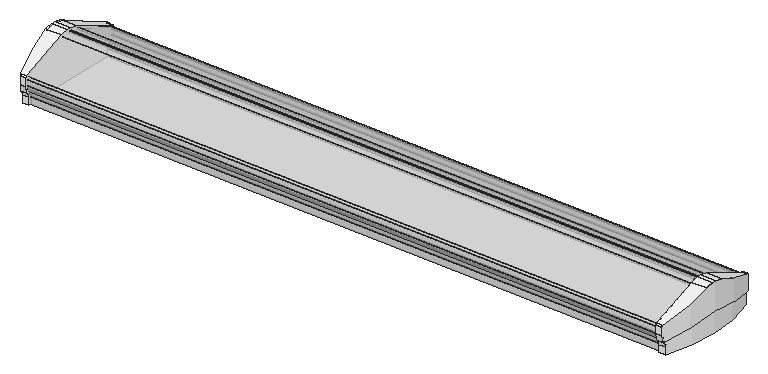
Revit family "0044878 Lighting Fixture_Sylvania_DeltaWing-LED-Emergency 3h_Ceiling Surface", category Lighting Fixtures, host Face, Revit 2017
Family settings
  Host = Face
  Round Connector Dimension = Use Diameter
  Part Type = Normal
  OmniClass Number = 23.80.70.11.17
  OmniClass Title = Specialized Lighting by Location or Use
  Cut with Voids When Loaded = No
  Light Source = Yes
  Shared = No
  Room Calculation Point = No
Parameters (values of type "DELTAWING LED50 EB 3K E3 1200")
  Width = 200.0 mm
  Weight = 3.60 kg
  Wattage = 51.8187 W
  built-in parameter 1150110 = 1 (stored number, unit not read)
  Voltage Comments = "UNV (Universal Voltage; 220-240 Volt)"  # constant formula
  Voltage = 230 V  # constant formula
  URL = "http://www.sylvania-lighting.com"
  built-in parameter 1114217 = 1 (stored number, unit not read)
  Tilt Angle = -90.00°
  built-in parameter 1150109 = 1 (stored number, unit not read)
  built-in parameter 1150134 = (empty or 0)
  Ta Rating = "-10°C  to +25°C"  # constant formula
  built-in parameter 1150113 = 1 (stored number, unit not read)
  Product Page URL = "http://www.sylvania-lighting.com/product/en-int/products/0044878"
  Product Family = "DELTAWING LED - EMERGENCY 3 HOUR"  # constant formula
  Photometry Comments = ""
  Photometric Web File = "0044878_DELTAWINGLED50EB3KE31200-198043.ies"
  Luminous flux (emergency) = 550 lm
  Life = "50 000h"  # constant formula
  Length = 1218.0 mm
  LOR = "100%"
  Inrush Current (max. quantity per 16A C breaker) = "20"  # constant formula
  IP Rating = "IP44"  # constant formula
  IK Rating = "IK08"  # constant formula
  Height = 85.0 mm
  Glow Wire Test = 850 °C  # constant formula
  Glare Control = "UGR<23"  # constant formula
  Emit from Line Length = Length - 2.0 mm * 29  # 1160.0 mm
  Emergency duration (h) = "3 hour"  # constant formula
  Electrical Protection = "Class I"  # constant formula
  Drive Current = "300mA"  # constant formula
  built-in parameter 1114216 [instance] = 1 (stored number, unit not read)
  Cap Material = Plastic_Sylvania_DeltaWing_White
  Model = "DELTAWING LED50 EB 3K E3 1200"
  Manufacturer = "Feilo Sylvania"
  built-in parameter 1150105 = 400.2 (stored number, unit not read)
  Lumens = 5029 lm
  built-in parameter 1150115 = 1 (stored number, unit not read)
  built-in parameter 1150137 = (empty or 0)
  built-in parameter 1150139 = (empty or 0)
  built-in parameter 1150112 = 1 (stored number, unit not read)
  built-in parameter 1150114 = 1 (stored number, unit not read)
  Lamp = "\tIntegrated LED"  # constant formula
  built-in parameter 1150132 = 2
  built-in parameter 1150102 = (empty or 0)
  built-in parameter 1150107 = 3000 (stored number, unit not read)
  built-in parameter 1150138 = (empty or 0)
  built-in parameter 1150106 = 4.002 (stored number, unit not read)
  CRI (Ra) = "> 80"  # constant formula
  Body Material = Steel_Sylvania_DeltaWing_White
  built-in parameter 1150104 = 9.0162 (stored number, unit not read)
  Dimming Lamp Color Temperature Shift = <None>
  Diffuser Material = Polycarbonate_Sylvania_DeltaWing_Opal_3000K
  Description = "Low profile surface and suspended LED diffuser luminaire DeltaWing LED is perfect to fulfil a wide range of applications, including educational environments, medical buildings, storage facilities and circulation areas including stairwells High performance: delivers up to 7,260lm (luminaire lumen output on 4,000K version), and up to 102lm/W (total system efficiency) Available in neutral white (4,000K) and warm white (3,000K) Smooth Polycarbonate extruded diffuser provides high efficiency, while minimising glare Precision prisms designed to optimise light output and reduce glare Options of non-dimmable, DALI, 3 hour maintained Emergency and Integrated Microwave sensor as standard Integrated Microwave sensor mounted discretely behind the diffuser helps further reduce energy and maintenance bills Suitable for suspended mounting using wire suspension kit (to be ordered seperately) BESA box connection possibility standard on product Long lifetime: 50,000 hours life at 70% of the original output L70 Energy class: A++, A+, A"  # constant formula
  Default Elevation = 0.0 mm
  Color Filter = 16777215
  Catalog Number = "0044878 DELTAWING LED50 EB 3K E3 1200"
  built-in parameter 1140040 [instance] = 1
  built-in parameter 1114218 = 1 (stored number, unit not read)
  built-in parameter 1150133 = 10 (stored number, unit not read)
  Assembly Code = "D5020200"
  Apparent Load = 53 VA
Reference planes
  plane 1 "Center (Front/Back)": y = 0
  plane 2 "Fixture Top": z = 0
  plane 3 "Center (Left/Right)": x = 0
  plane 4 "Fixture Left": x = -609
  plane 5 "Fixture Right": x = 609
  plane 6 "Fixture Back": y = 100
  plane 7 "Fixture Front": y = -100
  plane 8 "Cap left": x = -580
  plane 9 "Cap Right": x = 580
  plane 10 "Lamp Plane": z = 22
  plane 11 "Fixture Bottom": z = 85
  plane 12: y = 20
  plane 13: y = -20
Forms (mm)
  Extrusion 1, solid, material "Steel_Sylvania_DeltaWing_White" <- "Body Material", detail levels fine
    sketch origin (0, 0, 0) x (0, 1, 0) y (0, 0, 1)
      loop
        line (-88.5, 0) -> (88.5, 0) -> (88.5, 13.239) -> (90.848, 22) -> (88.777, 22) -> (86.5, 13.502) -> (86.5, 2) -> (-86.5, 2) -> (-86.5, 13.502) -> (-88.777, 22) -> (-90.848, 22) -> (-88.5, 13.239) -> (-88.5, 0)
    from -580 to 580
  Extrusion 2, solid, material "Polycarbonate_Sylvania_DeltaWing_Opal_3000K" <- "Diffuser Material", detail levels fine
    sketch origin (0, 0, 0) x (0, 1, 0) y (0, 0, 1)
      loop
        line (96, 33.502) -> (94.018, 26.104) -> (92.041, 26.455) -> (88.5, 13.239) -> (88.5, 0) -> (90.5, 0) -> (90.5, 12.975) -> (93.498, 24.165) -> (95.475, 23.815) -> (98, 33.238) -> (98, 44.42)
        arc (98, 44.42) -> (97.319, 46.653) -> (95.506, 48.125) r 4
        line (95.506, 48.125) -> (16.971, 80.055)
        arc (16.971, 80.055) -> (9.581, 82.257) -> (1.906, 83) r 40
        line (1.906, 83) -> (-1.906, 83)
        arc (-1.906, 83) -> (-9.581, 82.257) -> (-16.971, 80.055) r 40
        line (-16.971, 80.055) -> (-95.506, 48.125)
        arc (-95.506, 48.125) -> (-97.319, 46.653) -> (-98, 44.42) r 4
        line (-98, 44.42) -> (-98, 33.238) -> (-95.475, 23.815) -> (-93.498, 24.165) -> (-90.5, 12.975) -> (-90.5, 0) -> (-88.5, 0) -> (-88.5, 13.239) -> (-92.041, 26.455) -> (-94.018, 26.104) -> (-96, 33.502) -> (-96, 43.074)
        arc (-96, 43.074) -> (-95.319, 45.307) -> (-93.506, 46.779) r 4
        line (-93.506, 46.779) -> (-15.978, 78.299)
        arc (-15.978, 78.299) -> (-9.922, 80.17) -> (-3.638, 81) r 37.685
        line (-3.638, 81) -> (3.638, 81)
        arc (3.638, 81) -> (9.922, 80.17) -> (15.978, 78.299) r 37.685
        line (15.978, 78.299) -> (93.506, 46.779)
        arc (93.506, 46.779) -> (95.319, 45.307) -> (96, 43.074) r 4
        line (96, 43.074) -> (96, 33.502)
    from -580 to 580
  Extrusion 3, solid, material "Steel_Sylvania_DeltaWing_White" <- "Body Material", detail levels coarse+medium
    sketch origin (0, 0, 0) x (0, 1, 0) y (0, 0, 1)
      loop
        line (-16.971, 80.055) -> (-95.506, 48.125)
        arc (-95.506, 48.125) -> (-97.319, 46.653) -> (-98, 44.42) r 4
        line (-98, 44.42) -> (-98, 33.238) -> (-95.475, 23.815) -> (-93.498, 24.165) -> (-90.5, 12.975) -> (-90.5, 0) -> (90.5, 0) -> (90.5, 12.975) -> (93.498, 24.165) -> (95.475, 23.815) -> (98, 33.238) -> (98, 44.42)
        arc (98, 44.42) -> (97.319, 46.653) -> (95.506, 48.125) r 4
        line (95.506, 48.125) -> (16.971, 80.055)
        arc (16.971, 80.055) -> (9.581, 82.257) -> (1.906, 83) r 40
        line (1.906, 83) -> (-1.906, 83)
        arc (-1.906, 83) -> (-9.581, 82.257) -> (-16.971, 80.055) r 40
    from -580 to 580
Dimensions and locks
  equal spacing: plane 4 "Fixture Left", plane 3 "Center (Left/Right)", plane 5 "Fixture Right"
  "Length": plane 4 "Fixture Left" to plane 5 "Fixture Right"
  locked: plane 4 "Fixture Left" to plane 8 "Cap left" at 29
  locked: plane 9 "Cap Right" to plane 5 "Fixture Right" at 29
  "Height": plane 11 "Fixture Bottom" to plane 2 "Fixture Top"
  equal spacing: plane 6 "Fixture Back", plane 1 "Center (Front/Back)", plane 7 "Fixture Front"
  "Width": plane 6 "Fixture Back" to plane 7 "Fixture Front"
  equal spacing: plane 12, plane 1 "Center (Front/Back)", plane 13
  locked: Extrusion 1 sketch curve to Extrusion 1 sketch curve at 2
  locked: plane 10 "Lamp Plane" to Extrusion 1 sketch curve at 8.498  (x2)
  aligned and locked: level to host face
  aligned and locked: nested 1 to plane 1 "Center (Front/Back)"
  aligned and locked: nested 1 to plane 5 "Fixture Right"
  aligned and locked: nested 2 to plane 4 "Fixture Left"
  aligned and locked: plane 2 "Fixture Top" to Extrusion 1 sketch curve
  aligned and locked: Extrusion 1 to plane 8 "Cap left"
  aligned and locked: plane 9 "Cap Right" to Extrusion 1
  aligned and locked: Extrusion 2 to plane 8 "Cap left"
  aligned and locked: plane 9 "Cap Right" to Extrusion 2
  aligned and locked: Extrusion 3 sketch curve to Extrusion 2  (x2)
  aligned and locked: Extrusion 3 to plane 8 "Cap left"
  aligned and locked: plane 9 "Cap Right" to Extrusion 3
  aligned and locked: plane 2 "Fixture Top" to nested 2
  aligned and locked: nested 1 to plane 2 "Fixture Top"
  aligned and locked: plane 10 "Lamp Plane" to Extrusion 1 sketch curve  (x2)
  aligned and locked: Extrusion 3 sketch curve to plane 2 "Fixture Top"
  aligned and locked: plane 2 "Fixture Top" to Extrusion 2 sketch curve
  aligned and locked: Extrusion 2 sketch curve to plane 2 "Fixture Top"
  aligned and locked: imposter light to plane 1 "Center (Front/Back)"
  aligned and locked: plane 3 "Center (Left/Right)" to imposter light
  aligned and locked: plane 11 "Fixture Bottom" to imposter light
Automatic sketch dimensions
  host sketch curve to host sketch curve = 1713.741 mm
  host sketch curve to host sketch curve = 1283.632 mm
  plane 7 "Fixture Front" to Extrusion 2 sketch curve = 2.0 mm
  Extrusion 2 sketch curve to plane 10 "Lamp Plane" = 9.025 mm  (x2)
  Extrusion 2 sketch curve to Extrusion 2 sketch curve = 2.0 mm  (x8)
  Extrusion 2 sketch curve to Extrusion 2 sketch curve = 2.494 mm
  plane 10 "Lamp Plane" to Extrusion 2 sketch curve = 1.815 mm  (x2)
  plane 7 "Fixture Front" to Extrusion 2 sketch curve = 4.525 mm
  Extrusion 2 sketch curve to Extrusion 2 sketch curve = 1.457 mm  (x2)
  plane 10 "Lamp Plane" to Extrusion 2 sketch curve = 2.165 mm  (x2)
  Extrusion 2 sketch curve to Extrusion 2 sketch curve = 0.52 mm
  Extrusion 2 sketch curve to Extrusion 2 sketch curve = 1.977 mm  (x3)
  plane 7 "Fixture Front" to Extrusion 2 sketch curve = 9.5 mm
  plane 13 to Extrusion 2 sketch curve = 3.029 mm
  Extrusion 2 sketch curve to Extrusion 2 sketch curve = 0.993 mm  (x2)
  plane 1 "Center (Front/Back)" to Extrusion 2 sketch curve = 3.638 mm
  plane 1 "Center (Front/Back)" to Extrusion 2 sketch curve = 1.906 mm
  Extrusion 2 sketch curve to plane 1 "Center (Front/Back)" = 1.906 mm
  Extrusion 2 sketch curve to Extrusion 2 sketch curve = 1.732 mm
  plane 12 to Extrusion 2 sketch curve = 4.022 mm
  Extrusion 2 sketch curve to plane 6 "Fixture Back" = 11.5 mm
  Extrusion 2 sketch curve to plane 6 "Fixture Back" = 7.959 mm
  Extrusion 2 sketch curve to plane 6 "Fixture Back" = 6.494 mm
  Extrusion 2 sketch curve to plane 6 "Fixture Back" = 4.0 mm
  Extrusion 2 sketch curve to plane 6 "Fixture Back" = 2.0 mm
  Extrusion 2 sketch curve to Extrusion 2 sketch curve = 0.041 mm  (x2)
  Extrusion 2 sketch curve to Extrusion 2 sketch curve = 1.506 mm
  Extrusion 2 sketch curve to Extrusion 2 sketch curve = 0.494 mm
  Extrusion 2 sketch curve to Extrusion 2 sketch curve = 0.263 mm  (x4)
  Extrusion 2 sketch curve to Extrusion 2 sketch curve = 1.939 mm  (x2)
  Extrusion 2 sketch curve to Extrusion 2 sketch curve = 0.351 mm  (x2)
  Extrusion 2 sketch curve to Extrusion 2 sketch curve = 7.134 mm  (x2)
  Extrusion 2 sketch curve to Extrusion 2 sketch curve = 9.572 mm  (x2)
  Extrusion 2 sketch curve to Extrusion 2 sketch curve = 1.346 mm  (x2)
  Extrusion 2 sketch curve to plane 11 "Fixture Bottom" = 6.701 mm
  Extrusion 2 sketch curve to Extrusion 2 sketch curve = 0.0 mm
  Extrusion 2 sketch curve to Extrusion 2 sketch curve = 1.755 mm  (x2)
  Extrusion 2 sketch curve to Extrusion 2 sketch curve = 2.701 mm
  Extrusion 1 sketch curve to Extrusion 1 sketch curve = 2.0 mm  (x2)
  Extrusion 1 sketch curve to Extrusion 1 sketch curve = 0.263 mm  (x2)
  Extrusion 1 sketch curve to Extrusion 1 sketch curve = 2.071 mm  (x2)
  plane 7 "Fixture Front" to Extrusion 1 sketch curve = 9.152 mm
  plane 13 to Extrusion 3 sketch curve = 3.029 mm
  Extrusion 3 sketch curve to Extrusion 3 sketch curve = 1.506 mm  (x2)
  Extrusion 3 sketch curve to Extrusion 3 sketch curve = 11.181 mm  (x2)
  plane 10 "Lamp Plane" to Extrusion 3 sketch curve = 1.815 mm  (x2)
  plane 7 "Fixture Front" to Extrusion 3 sketch curve = 4.525 mm
  plane 10 "Lamp Plane" to Extrusion 3 sketch curve = 2.165 mm  (x2)
  Extrusion 3 sketch curve to Extrusion 3 sketch curve = 1.977 mm  (x2)
  plane 7 "Fixture Front" to Extrusion 3 sketch curve = 9.5 mm
  Extrusion 3 sketch curve to plane 10 "Lamp Plane" = 9.025 mm  (x2)
  plane 1 "Center (Front/Back)" to Extrusion 3 sketch curve = 1.906 mm
  plane 10 "Lamp Plane" to Extrusion 3 sketch curve = 21.0 mm
  plane 12 to Extrusion 3 sketch curve = 3.029 mm
  Extrusion 3 sketch curve to plane 1 "Center (Front/Back)" = 1.906 mm
  Extrusion 3 sketch curve to plane 6 "Fixture Back" = 4.494 mm
  Extrusion 3 sketch curve to Extrusion 3 sketch curve = 0.0 mm
  plane 10 "Lamp Plane" to Extrusion 3 sketch curve = 26.125 mm
  Extrusion 3 sketch curve to plane 6 "Fixture Back" = 2.0 mm
  Extrusion 3 sketch curve to plane 6 "Fixture Back" = 4.525 mm
  Extrusion 3 sketch curve to plane 6 "Fixture Back" = 9.5 mm
  Extrusion 1 sketch curve to plane 6 "Fixture Back" = 11.223 mm
  plane 7 "Fixture Front" to Extrusion 1 sketch curve = 11.5 mm
  Extrusion 1 sketch curve to plane 6 "Fixture Back" = 13.5 mm
Nested families
  nested 1: "Cap" at (580, 0, 0) x (0, 1, 0) z (0, 0, 1), type "Type"
  nested 2: "Cap" at (-580, 0, 0) x (0, 1, 0) z (0, 0, 1), type "Type"
Connectors
  electrical at (0, 0, 0), driven by "Voltage", driven by "Apparent Load"
    settings: on Extrusion 1, index 1, voltage 230 V, apparent load 0 VA, apparent load phase1 53 VA, apparent load phase2 0 VA, apparent load phase3 0 VA, power factor 1, load classification "Lighting", number of poles 1, system type 31, power factor state 1, is connector primary yes, connector utility no, sub classification motor no, connector description ""
Definition of nested family "Cap"
  Parameters
    Height = 85.0 mm
    Width = 200.0 mm
    Default Elevation = 0.0 mm
    Cap Material = none
  Reference planes
    plane 1 "Center (Front/Back)": y = 0
    plane 2: z = 0
    plane 3 "Center (Left/Right)": x = 0
    plane 4: x = 100
    plane 5: x = -100
    plane 6: y = -29
    plane 7: y = -10
    plane 8: z = 85
    plane 9: z = 17
    plane 10: z = 22
    plane 11: z = 37
  Forms (mm)
    Extrusion 1, solid, material <- "Cap Material"
      sketch origin (0, 0, 0) x (1, 0, 0) y (0, 1, 0)
        loop
          line (-100, 0) -> (-100, -10)
          arc (-100, -10) -> (0, -28.818) -> (100, -10) r 275.114
          line (100, -10) -> (100, 0) -> (-100, 0)
      from 0 to 85
    Extrusion 2, void
      sketch origin (0, 0, 0) x (1, 0, 0) y (0, 0, 1)
        loop
          line (-92.5, 0) -> (-92.5, 12.712) -> (-94.955, 21.876) -> (-96.887, 21.358) -> (-101.913, 40.115)
          arc (-101.913, 40.115) -> (-101.345, 45.755) -> (-97.183, 49.603) r 8
          line (-97.183, 49.603) -> (-17.481, 82.006)
          arc (-17.481, 82.006) -> (-8.901, 84.444) -> (0, 85) r 41.685
          arc (0, 85) -> (8.901, 84.444) -> (17.481, 82.006) r 41.685
          line (17.481, 82.006) -> (97.183, 49.603)
          arc (97.183, 49.603) -> (101.345, 45.755) -> (101.913, 40.115) r 8
          line (101.913, 40.115) -> (96.887, 21.358) -> (94.955, 21.876) -> (92.5, 12.712) -> (92.5, 0) -> (117.5, 0) -> (117.5, 106.013) -> (-117.5, 106.013) -> (-117.5, 0) -> (-92.5, 0)
      from 0 to 250
    Extrusion 3, void
      sketch origin (0, 0, 0) x (1, 0, 0) y (0, 0, 1)
        loop
          line (-94.955, 21.876) -> (-100, 20.524) -> (-100, 0) -> (100, 0) -> (100, 20.524) -> (94.955, 21.876) -> (10.419, 36.87)
          arc (10.419, 36.87) -> (0, 37.781) -> (-10.419, 36.87) r 60
          line (-10.419, 36.87) -> (-94.955, 21.876)
      from -68.585 to 250
    Extrusion 4, solid, material <- "Cap Material"
      sketch origin (0, 0, 0) x (1, 0, 0) y (0, 1, 0)
        loop
          line (-100, 0) -> (-100, -9.525)
          arc (-100, -9.525) -> (0.169, -27.445) -> (100, -7.727) r 275.114
          line (100, -7.727) -> (100, 0) -> (-100, 0)
      from 0 to 85
    Extrusion 5, void
      sketch origin (0, 0, 0) x (1, 0, 0) y (0, 0, 1)
        loop
          line (-92.5, 0) -> (-92.5, 12.712) -> (-94.955, 21.876) -> (-96.887, 21.358) -> (-101.913, 40.115)
          arc (-101.913, 40.115) -> (-101.345, 45.755) -> (-97.183, 49.603) r 8
          line (-97.183, 49.603) -> (-17.481, 82.006)
          arc (-17.481, 82.006) -> (-8.901, 84.444) -> (0, 85) r 41.685
          arc (0, 85) -> (8.901, 84.444) -> (17.481, 82.006) r 41.685
          line (17.481, 82.006) -> (97.183, 49.603)
          arc (97.183, 49.603) -> (101.345, 45.755) -> (101.913, 40.115) r 8
          line (101.913, 40.115) -> (96.887, 21.358) -> (94.955, 21.876) -> (92.5, 12.712) -> (92.5, 0) -> (117.5, 0) -> (117.5, 106.013) -> (-117.5, 106.013) -> (-117.5, 0) -> (-92.5, 0)
      from 0 to 250
  Cuts and joins
    Extrusion 2, Extrusion 3, Extrusion 5 cuts Extrusion 1
    Extrusion 5 cuts Extrusion 4
    joined: Extrusion 1, Extrusion 4
  Dimensions and locks
    equal spacing: plane 5, plane 3 "Center (Left/Right)", plane 4
    "Width": plane 5 to plane 4
    locked: plane 1 "Center (Front/Back)" to plane 6 at 29
    plane 1 "Center (Front/Back)" to plane 7 = 10.0 mm
    "Height": plane 8 to level
    plane 9 to plane 2 = 17.0 mm
    plane 10 to plane 9 = 5.0 mm
    Extrusion 2 sketch curve to plane 5 = 7.5 mm
    aligned and locked: level to plane 2
    aligned and locked: plane 1 "Center (Front/Back)" to Extrusion 1 sketch curve
    aligned and locked: Extrusion 1 sketch curve to plane 5
    aligned and locked: Extrusion 1 sketch curve to plane 4
    aligned and locked: plane 7 to Extrusion 1 sketch curve  (x2)
    aligned and locked: Extrusion 1 to plane 2
    aligned and locked: plane 8 to Extrusion 1
  Automatic sketch dimensions
    Extrusion 1 sketch curve to plane 1 "Center (Front/Back)" = 246.296 mm
    Extrusion 2 sketch curve to plane 5 = 17.5 mm
    Extrusion 2 sketch curve to plane 9 = 4.288 mm
    Extrusion 2 sketch curve to plane 3 "Center (Left/Right)" = 0.0 mm
    Extrusion 2 sketch curve to plane 8 = 0.0 mm
    Extrusion 2 sketch curve to plane 5 = 1.913 mm
    plane 5 to Extrusion 2 sketch curve = 2.817 mm
    plane 10 to Extrusion 2 sketch curve = 0.642 mm  (x2)
    plane 5 to Extrusion 2 sketch curve = 3.113 mm
    plane 10 to Extrusion 2 sketch curve = 0.124 mm  (x2)
    Extrusion 2 sketch curve to plane 8 = 2.994 mm  (x2)
    Extrusion 2 sketch curve to plane 3 "Center (Left/Right)" = 17.481 mm
    plane 3 "Center (Left/Right)" to Extrusion 2 sketch curve = 17.481 mm
    Extrusion 2 sketch curve to plane 4 = 7.5 mm
    Extrusion 2 sketch curve to plane 4 = 5.045 mm
    Extrusion 2 sketch curve to Extrusion 2 sketch curve = 1.932 mm
    Extrusion 2 sketch curve to plane 4 = 2.817 mm
    plane 4 to Extrusion 2 sketch curve = 1.913 mm
    plane 4 to Extrusion 2 sketch curve = 17.5 mm
    plane 5 to Extrusion 2 sketch curve = 5.814 mm
    Extrusion 2 sketch curve to plane 3 "Center (Left/Right)" = 1.865 mm
    plane 3 "Center (Left/Right)" to Extrusion 2 sketch curve = 1.865 mm
    Extrusion 2 sketch curve to plane 4 = 5.814 mm
    Extrusion 2 sketch curve to Extrusion 2 sketch curve = 9.488 mm  (x2)
    plane 8 to Extrusion 2 sketch curve = 21.013 mm
    Extrusion 2 sketch curve to level = 0.0 mm  (x2)
    Extrusion 3 sketch curve to plane 3 "Center (Left/Right)" = 0.0 mm
    plane 10 to Extrusion 3 sketch curve = 0.124 mm  (x2)
    Extrusion 3 sketch curve to plane 3 "Center (Left/Right)" = 10.419 mm
    plane 3 "Center (Left/Right)" to Extrusion 3 sketch curve = 10.419 mm
    plane 11 to Extrusion 3 sketch curve = 0.13 mm
    plane 10 to Extrusion 3 sketch curve = 1.476 mm  (x2)
    Extrusion 3 sketch curve to level = 0.0 mm
    Extrusion 3 sketch curve to plane 5 = 0.0 mm
    Extrusion 3 sketch curve to Extrusion 3 sketch curve = 22.219 mm
    plane 5 to Extrusion 3 sketch curve = 5.045 mm
    Extrusion 3 sketch curve to plane 4 = 5.045 mm
    plane 4 to Extrusion 3 sketch curve = 0.0 mm
    plane 1 "Center (Front/Back)" to Extrusion 4 sketch curve = 0.0 mm
    Extrusion 4 sketch curve to plane 5 = 0.0 mm
    Extrusion 4 sketch curve to plane 4 = 0.0 mm
    plane 7 to Extrusion 4 sketch curve = 2.273 mm
    plane 7 to Extrusion 4 sketch curve = 0.475 mm
    Extrusion 4 sketch curve to plane 1 "Center (Front/Back)" = 247.658 mm
    Extrusion 5 sketch curve to level = 0.0 mm  (x2)
    Extrusion 5 sketch curve to plane 5 = 17.5 mm
    Extrusion 5 sketch curve to plane 9 = 4.288 mm  (x2)
    Extrusion 5 sketch curve to plane 3 "Center (Left/Right)" = 0.0 mm
    Extrusion 5 sketch curve to plane 8 = 0.0 mm
    Extrusion 5 sketch curve to plane 5 = 1.913 mm
    plane 5 to Extrusion 5 sketch curve = 2.817 mm
    plane 10 to Extrusion 5 sketch curve = 0.642 mm  (x2)
    plane 5 to Extrusion 5 sketch curve = 3.113 mm
    plane 10 to Extrusion 5 sketch curve = 0.124 mm  (x2)
    Extrusion 5 sketch curve to Extrusion 5 sketch curve = 1.932 mm
    Extrusion 5 sketch curve to plane 8 = 2.994 mm  (x2)
    Extrusion 5 sketch curve to plane 3 "Center (Left/Right)" = 17.481 mm
    plane 3 "Center (Left/Right)" to Extrusion 5 sketch curve = 17.481 mm
    Extrusion 5 sketch curve to plane 4 = 7.5 mm
    Extrusion 5 sketch curve to plane 4 = 5.045 mm
    Extrusion 5 sketch curve to plane 4 = 2.817 mm
    plane 4 to Extrusion 5 sketch curve = 1.913 mm
    plane 4 to Extrusion 5 sketch curve = 17.5 mm
    plane 5 to Extrusion 5 sketch curve = 5.814 mm
    Extrusion 5 sketch curve to plane 3 "Center (Left/Right)" = 1.865 mm
    plane 3 "Center (Left/Right)" to Extrusion 5 sketch curve = 1.865 mm
    Extrusion 5 sketch curve to plane 4 = 5.814 mm
    Extrusion 5 sketch curve to Extrusion 5 sketch curve = 9.488 mm  (x2)
    plane 8 to Extrusion 5 sketch curve = 21.013 mm
